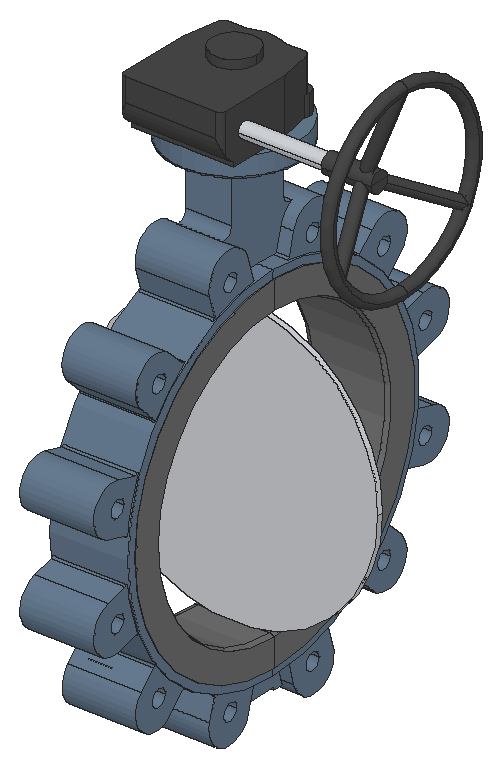
Revit family "HERZ Isolating Butterfly Valves AF-4219 with gearbox", category Rohrzubehör, Revit 2020
Family settings
  Bemaßung runder Anschluss = Durchmesser verwenden
  Teiletyp = Unterbricht
  OmniClass-Nummer = 23.65.55.14
  OmniClass-Titel = Valves for Liquid Services
  Arbeitsebenenbasiert = Nein
  Immer vertikal = Ja
  Beim Laden mit Abzugskörper schneiden = Nein
  Gemeinsam genutzt = Nein
Parameters
  Weight [instance] = size_lookup("4219_AF_G", "Gewicht", 3.8, Nennweite)  # 37.6
  Vorgabe-Ansicht = 0 mm
  URL = "www.herzvalves.com"
  Spindle = "stainless steel ASTM-A276 / Type 316"  # constant formula
  Screws [instance] = if(Nennweite = 50 mm, "4x M16x35", if(Nennweite = 65 mm, "4x M16x35", if(Nennweite = 80 mm, "8x M16x35", if(Nennweite = 100 mm, "8x M16x40", if(Nennweite = 125 mm, "8x M16x40", if(Nennweite = 150 mm, "8x M20x40", if(Nennweite = 200 mm, "12x M20x45", if(Nennweite = 250 mm, "12x M24x45", "12x M24x45"))))))))  # "12x M24x45"
  SCTWSEQ = "FW;SBT_TYP_FW=\"101\";2"
  SCTWCODE = "04;07;02"  # constant formula
  SCRNSEQ = "ARM;ARM_TYP=\"ALLF\";2"
  SCRNCODE = "05;13;02"  # constant formula
  R99 = 1.5 mm  # constant formula
  Part number [instance] = size_lookup("4219_AF_G", "Artnr", 421911, Nennweite)  # 1421979
  PN [instance] = size_lookup("4219_AF_G", "PN", 16, Nennweite)  # 10
  O-Ring = "EPDM according to ISO 1691"  # constant formula
  Min. operating temperature = "-20.00 °C with appropriate water-glycol mixture"  # constant formula
  Medium = "Heating water quality according ÖNORM H5195 or VDI-Standard 2035. The use of ethylene or propylene glycol in a\nmixing ratio 25- 50% is allowed."
  Max. operating temperature = 110 °C  # constant formula
  L04 [instance] = L01 - 3.5 mm  # 35.5 mm
  L03 [instance] = L01 + 1.5 mm  # 40.5 mm
  L02 [instance] = size_lookup("4219_AF_G", "L2", 14.5 mm, Nennweite)  # 30.5 mm
  L01 [instance] = size_lookup("4219_AF_G", "L1", 21.5 mm, Nennweite)  # 39 mm
  R01 [instance] = size_lookup("4219_AF_G", "R1", 44 mm, Nennweite)  # 65 mm
  Nennweite [instance] = 300 mm
  Hersteller = "HERZ Armaturen Ges.m.b.H."  # constant formula
  H02 [instance] = size_lookup("4219_AF_G", "H2", 13 mm, Nennweite)  # 20 mm
  H01 [instance] = size_lookup("4219_AF_G", "H1", 125 mm, Nennweite)  # 308 mm
  Flange = "according to EN1092-2"  # constant formula
  Torque in NM [instance] = size_lookup("4219_AF_G", "Nm", 20, Nennweite)  # 350
  Disc = "stainless steel 1.4408"  # constant formula
  DN80 [instance] = Nennweite = 80 mm  # no
  DN65 [instance] = Nennweite = 65 mm  # no
  DN50 [instance] = Nennweite = 50 mm  # no
  DN300 [instance] = Nennweite = 300 mm  # yes
  DN250 [instance] = Nennweite = 250 mm  # no
  DN200 [instance] = Nennweite = 200 mm  # no
  DN150 [instance] = Nennweite = 150 mm  # no
  DN125 [instance] = Nennweite = 125 mm  # no
  DN100 [instance] = Nennweite = 100 mm  # no
  D06 [instance] = size_lookup("4219_AF_G", "D6", 25.3 mm, Nennweite)  # 146.5 mm
  D05 [instance] = size_lookup("4219_AF_G", "D5", 24.5 mm, Nennweite)  # 145 mm
  D04 [instance] = D05 + 2 mm  # 147 mm
  D03 [instance] = size_lookup("4219_AF_G", "D3", 35.5 mm, Nennweite)  # 167.5 mm
  D02 [instance] = size_lookup("4219_AF_G", "D2", 41 mm, Nennweite)  # 175 mm
  D01 [instance] = size_lookup("4219_AF_G", "D1", 47 mm, Nennweite)  # 183 mm
  Body sealing = "EPDM according to ISO 1691"  # constant formula
  Body = "GGG, GJS-400-15/JS1030, according to EN1563"  # constant formula
  Application = "Suitable for fluids in building services, cold water systems, hot water saystems, etc."
Reference planes
  plane 1 "Mitte (Vorne/hinten)": y = 0
  plane 2: z = 0
  plane 3 "Mitte (Links/rechts)": x = 0
Forms (mm)
  Revolve 1, solid, material "Herz-Metall-blau", detail levels fine
    sketch origin (0, 0, 0) x (1, 0, 0) y (0, 0, 1)
      loop
        line (-30.5, 175) -> (-30.5, 167.5) -> (30.5, 167.5) -> (30.5, 175) -> (39, 175) -> (39, 183) -> (-39, 183) -> (-39, 175) -> (-30.5, 175)
      axis (-39, 0) -> (39, 0)
    angle from 0 to 360
  Revolve 2, solid, material "Herz-Metall-blau", detail levels fine
    sketch origin (0, 0, 0) x (1, 0, 0) y (0, 0, 1)
      loop
        line (-65, 308) -> (-65, 289.463)
        arc (-65, 289.463) -> (-64.673, 288.527) -> (-63.833, 288) r 1.5
        line (-63.833, 288) -> (0, 288) -> (0, 308) -> (-65, 308)
      axis (0, 308) -> (0, 288)
    angle from 0 to 360
  Extrusion 3, solid, material "Herz-Metall-blau", visible <- "DN50", detail levels fine
    sketch origin (0, 0, 0) x (0, 1, 0) y (0, 0, 1)
      loop
        line (56.215, -32.173) -> (43.95, -19.909)
        arc (43.95, -19.909) -> (43.387, -18.793) -> (43.596, -17.56) r 2
        arc (43.596, -17.56) -> (33.234, -33.234) -> (17.56, -43.596) r 47
        arc (17.56, -43.596) -> (18.793, -43.387) -> (19.909, -43.95) r 2
        line (19.909, -43.95) -> (32.173, -56.215)
        arc (32.173, -56.215) -> (56.215, -56.215) -> (56.215, -32.173) r 17
      loop
        arc (-56.215, -32.173) -> (-56.215, -56.215) -> (-32.173, -56.215) r 17
        line (-32.173, -56.215) -> (-19.909, -43.95)
        arc (-19.909, -43.95) -> (-18.793, -43.387) -> (-17.56, -43.596) r 2
        arc (-17.56, -43.596) -> (-33.234, -33.234) -> (-43.596, -17.56) r 47
        arc (-43.596, -17.56) -> (-43.387, -18.793) -> (-43.95, -19.909) r 2
        line (-43.95, -19.909) -> (-56.215, -32.173)
      loop
        arc (56.215, 32.173) -> (56.215, 56.215) -> (32.173, 56.215) r 17
        line (32.173, 56.215) -> (19.909, 43.95)
        arc (19.909, 43.95) -> (18.793, 43.387) -> (17.56, 43.596) r 2
        arc (17.56, 43.596) -> (33.234, 33.234) -> (43.596, 17.56) r 47
        arc (43.596, 17.56) -> (43.387, 18.793) -> (43.95, 19.909) r 2
        line (43.95, 19.909) -> (56.215, 32.173)
      loop
        line (-56.215, 32.173) -> (-43.95, 19.909)
        arc (-43.95, 19.909) -> (-43.387, 18.793) -> (-43.596, 17.56) r 2
        arc (-43.596, 17.56) -> (-33.234, 33.234) -> (-17.56, 43.596) r 47
        arc (-17.56, 43.596) -> (-18.793, 43.387) -> (-19.909, 43.95) r 2
        line (-19.909, 43.95) -> (-32.173, 56.215)
        arc (-32.173, 56.215) -> (-56.215, 56.215) -> (-56.215, 32.173) r 17
      loop
        circle (-44.194, 44.194) r 6.92
      loop
        circle (44.194, 44.194) r 6.92
      loop
        circle (44.194, -44.194) r 6.92
      loop
        circle (-44.194, -44.194) r 6.92
    from -19.5 to 19.5
  Extrusion 4, solid, material "Herz-Metall-blau", visible <- "DN50", detail levels fine
    sketch origin (0, 0, 0) x (0, 1, 0) y (0, 0, 1)
      loop
        line (20, 74.845) -> (20, 112) -> (-20, 112) -> (-20, 74.845)
        arc (-20, 74.845) -> (-26.046, 62.811) -> (-39.31, 60.477) r 15
        arc (-39.31, 60.477) -> (-35.477, 58.789) -> (-32.173, 56.215) r 17
        line (-32.173, 56.215) -> (-19.909, 43.95)
        arc (-19.909, 43.95) -> (-18.793, 43.387) -> (-17.56, 43.596) r 2
        arc (-17.56, 43.596) -> (0, 47) -> (17.56, 43.596) r 47
        arc (17.56, 43.596) -> (18.793, 43.387) -> (19.909, 43.95) r 2
        line (19.909, 43.95) -> (32.173, 56.215)
        arc (32.173, 56.215) -> (35.477, 58.789) -> (39.31, 60.477) r 17
        arc (39.31, 60.477) -> (26.046, 62.811) -> (20, 74.845) r 15
    from -15 to 15
  Extrusion 5, solid, material "Herz-Metall-blau", visible <- "DN50"
    sketch origin (0, 0, 0) x (0, 1, 0) y (0, 0, 1)
      loop
        arc (33.834, -58) -> (34.246, -58.062) -> (34.622, -58.243) r 1.4
        arc (34.622, -58.243) -> (33.35, -57.286) -> (32.173, -56.215) r 17
        line (32.173, -56.215) -> (19.909, -43.95)
        arc (19.909, -43.95) -> (18.793, -43.387) -> (17.56, -43.596) r 2
        arc (17.56, -43.596) -> (0, -47) -> (-17.56, -43.596) r 47
        arc (-17.56, -43.596) -> (-18.793, -43.387) -> (-19.909, -43.95) r 2
        line (-19.909, -43.95) -> (-32.173, -56.215)
        arc (-32.173, -56.215) -> (-33.35, -57.286) -> (-34.622, -58.243) r 17
        arc (-34.622, -58.243) -> (-34.246, -58.062) -> (-33.834, -58) r 1.4
        line (-33.834, -58) -> (-16.963, -58)
        arc (-16.963, -58) -> (-15.575, -58.575) -> (-15, -59.963) r 1.963
        line (-15, -59.963) -> (-15, -61) -> (15, -61) -> (15, -59.963)
        arc (15, -59.963) -> (15.575, -58.575) -> (16.963, -58) r 1.963
        line (16.963, -58) -> (33.834, -58)
    from -15 to 15
  Revolve 6, solid, material "Gummi", detail levels fine
    sketch origin (-134.5, 0, 0) x (1, 0, 0) y (0, 0, 1)
      loop
        line (94, 175) -> (94, 147) -> (99, 145) -> (170, 145) -> (175, 147) -> (175, 175) -> (165, 175) -> (165, 167.5) -> (104, 167.5) -> (104, 175) -> (94, 175)
      axis (94, 0) -> (175, 0)
    angle from 0 to 360
  Extrusion 7, solid, detail levels fine
    sketch origin (0, 0, 0) x (1, 0, 0) y (0, 0, 1)
      loop
        circle (0, 0) r 146.5
    from -2.5 to 2.5
  Extrusion 8, solid, material "Herz-Metall-blau", visible <- "DN65", detail levels fine
    sketch origin (0, -300, 0) x (0, 1, 0) y (0, 0, 1)
      loop
        circle (351.265, 51.265) r 6.92
      loop
        arc (363.286, 39.244) -> (363.286, 63.286) -> (339.244, 63.286) r 17
        line (339.244, 63.286) -> (328.595, 52.636)
        arc (328.595, 52.636) -> (327.499, 52.076) -> (326.282, 52.264) r 2
        arc (326.282, 52.264) -> (341.366, 41.366) -> (352.264, 26.282) r 58.501
        arc (352.264, 26.282) -> (352.087, 27.51) -> (352.656, 28.614) r 2.038
        line (352.656, 28.614) -> (363.286, 39.244)
      loop
        circle (351.265, -51.265) r 6.92
      loop
        line (363.286, -39.244) -> (352.656, -28.614)
        arc (352.656, -28.614) -> (352.087, -27.51) -> (352.264, -26.282) r 2.038
        arc (352.264, -26.282) -> (341.366, -41.366) -> (326.282, -52.264) r 58.501
        arc (326.282, -52.264) -> (327.499, -52.076) -> (328.595, -52.636) r 2
        line (328.595, -52.636) -> (339.244, -63.286)
        arc (339.244, -63.286) -> (363.286, -63.286) -> (363.286, -39.244) r 17
      loop
        circle (248.735, 51.265) r 6.92
      loop
        line (236.714, 39.244) -> (247.344, 28.614)
        arc (247.344, 28.614) -> (247.913, 27.51) -> (247.736, 26.282) r 2.038
        arc (247.736, 26.282) -> (258.634, 41.366) -> (273.718, 52.264) r 58.501
        arc (273.718, 52.264) -> (272.501, 52.076) -> (271.405, 52.636) r 2
        line (271.405, 52.636) -> (260.756, 63.286)
        arc (260.756, 63.286) -> (236.714, 63.286) -> (236.714, 39.244) r 17
      loop
        circle (248.735, -51.265) r 6.92
      loop
        arc (236.714, -39.244) -> (236.714, -63.286) -> (260.756, -63.286) r 17
        line (260.756, -63.286) -> (271.405, -52.636)
        arc (271.405, -52.636) -> (272.501, -52.076) -> (273.718, -52.264) r 2
        arc (273.718, -52.264) -> (258.634, -41.366) -> (247.736, -26.282) r 58.501
        arc (247.736, -26.282) -> (247.913, -27.51) -> (247.344, -28.614) r 2.038
        line (247.344, -28.614) -> (236.714, -39.244)
    from -21 to 21
  Extrusion 9, solid, material "Herz-Metall-blau", visible <- "DN65", detail levels fine
    sketch origin (0, -300, 0) x (0, 1, 0) y (0, 0, 1)
      loop
        line (278, 136.5) -> (278, 78.286)
        arc (278, 78.286) -> (272.889, 69.099) -> (263, 65.53) r 14.984
        line (263, 65.53) -> (257.982, 65.53)
        arc (257.982, 65.53) -> (259.428, 64.481) -> (260.756, 63.286) r 17
        line (260.756, 63.286) -> (271.405, 52.636)
        arc (271.405, 52.636) -> (272.501, 52.076) -> (273.718, 52.264) r 2
        arc (273.718, 52.264) -> (300, 58.5) -> (326.282, 52.264) r 58.5
        arc (326.282, 52.264) -> (327.499, 52.076) -> (328.595, 52.636) r 2
        line (328.595, 52.636) -> (339.244, 63.286)
        arc (339.244, 63.286) -> (340.572, 64.481) -> (342.018, 65.53) r 17
        line (342.018, 65.53) -> (337, 65.53)
        arc (337, 65.53) -> (327.111, 69.099) -> (322, 78.286) r 14.984
        line (322, 78.286) -> (322, 136.5) -> (278, 136.5)
      loop
        arc (260.756, -63.286) -> (259.428, -64.481) -> (257.982, -65.53) r 17
        line (257.982, -65.53) -> (280.029, -65.53)
        arc (280.029, -65.53) -> (281.423, -66.108) -> (282, -67.501) r 1.971
        line (282, -67.501) -> (282, -74) -> (318, -74) -> (318, -67.527)
        arc (318, -67.527) -> (318.585, -66.115) -> (319.997, -65.53) r 1.997
        line (319.997, -65.53) -> (342.018, -65.53)
        arc (342.018, -65.53) -> (340.572, -64.481) -> (339.244, -63.286) r 17
        line (339.244, -63.286) -> (328.595, -52.636)
        arc (328.595, -52.636) -> (327.499, -52.076) -> (326.282, -52.264) r 2
        arc (326.282, -52.264) -> (300, -58.5) -> (273.718, -52.264) r 58.5
        arc (273.718, -52.264) -> (272.501, -52.076) -> (271.405, -52.636) r 2
        line (271.405, -52.636) -> (260.756, -63.286)
    from -18 to 18
  Extrusion 10, solid, material "Herz-Metall-blau", visible <- "DN80", detail levels fine
    sketch origin (0, -300, 0) x (0, 1, 0) y (0, 0, 1)
      loop
        circle (269.385, 73.91) r 6.92
      loop
        arc (285.091, 80.416) -> (262.88, 89.616) -> (253.679, 67.405) r 17
        line (253.679, 67.405) -> (259.513, 53.322)
        arc (259.513, 53.322) -> (259.602, 52.073) -> (258.924, 51.02) r 1.982
        arc (258.924, 51.02) -> (274.934, 60.514) -> (292.968, 65.121) r 65.5
        arc (292.968, 65.121) -> (291.745, 65.388) -> (290.924, 66.335) r 1.984
        line (290.924, 66.335) -> (285.091, 80.416)
      loop
        circle (226.09, 30.615) r 6.92
      loop
        line (219.584, 14.909) -> (233.665, 9.076)
        arc (233.665, 9.076) -> (234.612, 8.255) -> (234.879, 7.032) r 1.984
        arc (234.879, 7.032) -> (239.486, 25.066) -> (248.98, 41.076) r 65.5
        arc (248.98, 41.076) -> (247.927, 40.398) -> (246.678, 40.487) r 1.982
        line (246.678, 40.487) -> (232.595, 46.321)
        arc (232.595, 46.321) -> (210.384, 37.12) -> (219.584, 14.909) r 17
      loop
        circle (269.385, -73.91) r 6.92
      loop
        line (285.091, -80.416) -> (290.924, -66.335)
        arc (290.924, -66.335) -> (291.745, -65.388) -> (292.968, -65.121) r 1.984
        arc (292.968, -65.121) -> (274.934, -60.514) -> (258.924, -51.02) r 65.5
        arc (258.924, -51.02) -> (259.602, -52.073) -> (259.513, -53.322) r 1.982
        line (259.513, -53.322) -> (253.679, -67.405)
        arc (253.679, -67.405) -> (262.88, -89.616) -> (285.091, -80.416) r 17
      loop
        circle (226.09, -30.615) r 6.92
      loop
        arc (219.584, -14.909) -> (210.384, -37.12) -> (232.595, -46.321) r 17
        line (232.595, -46.321) -> (246.678, -40.487)
        arc (246.678, -40.487) -> (247.927, -40.398) -> (248.98, -41.076) r 1.982
        arc (248.98, -41.076) -> (239.486, -25.066) -> (234.879, -7.032) r 65.5
        arc (234.879, -7.032) -> (234.612, -8.255) -> (233.665, -9.076) r 1.984
        line (233.665, -9.076) -> (219.584, -14.909)
      loop
        circle (330.615, 73.91) r 6.92
      loop
        line (314.909, 80.416) -> (309.076, 66.335)
        arc (309.076, 66.335) -> (308.255, 65.388) -> (307.032, 65.121) r 1.984
        arc (307.032, 65.121) -> (325.066, 60.514) -> (341.076, 51.02) r 65.5
        arc (341.076, 51.02) -> (340.398, 52.073) -> (340.487, 53.322) r 1.982
        line (340.487, 53.322) -> (346.321, 67.405)
        arc (346.321, 67.405) -> (337.12, 89.616) -> (314.909, 80.416) r 17
      loop
        circle (373.91, 30.615) r 6.92
      loop
        arc (380.416, 14.909) -> (389.616, 37.12) -> (367.405, 46.321) r 17
        line (367.405, 46.321) -> (353.322, 40.487)
        arc (353.322, 40.487) -> (352.073, 40.398) -> (351.02, 41.076) r 1.982
        arc (351.02, 41.076) -> (360.514, 25.066) -> (365.121, 7.032) r 65.5
        arc (365.121, 7.032) -> (365.388, 8.255) -> (366.335, 9.076) r 1.984
        line (366.335, 9.076) -> (380.416, 14.909)
      loop
        circle (330.615, -73.91) r 6.92
      loop
        arc (314.909, -80.416) -> (337.12, -89.616) -> (346.321, -67.405) r 17
        line (346.321, -67.405) -> (340.487, -53.322)
        arc (340.487, -53.322) -> (340.398, -52.073) -> (341.076, -51.02) r 1.982
        arc (341.076, -51.02) -> (325.066, -60.514) -> (307.032, -65.121) r 65.5
        arc (307.032, -65.121) -> (308.255, -65.388) -> (309.076, -66.335) r 1.984
        line (309.076, -66.335) -> (314.909, -80.416)
      loop
        circle (373.91, -30.615) r 6.92
      loop
        line (380.416, -14.909) -> (366.335, -9.076)
        arc (366.335, -9.076) -> (365.388, -8.255) -> (365.121, -7.032) r 1.984
        arc (365.121, -7.032) -> (360.514, -25.066) -> (351.02, -41.076) r 65.5
        arc (351.02, -41.076) -> (352.073, -40.398) -> (353.322, -40.487) r 1.982
        line (353.322, -40.487) -> (367.405, -46.321)
        arc (367.405, -46.321) -> (389.616, -37.12) -> (380.416, -14.909) r 17
    from -21 to 21
  Extrusion 11, solid, material "Herz-Metall-blau", visible <- "DN80", detail levels fine
    sketch origin (0, -300, 0) x (0, 1, 0) y (0, 0, 1)
      loop
        line (278, 143.5) -> (278, 100.814)
        arc (278, 100.814) -> (275.545, 94.251) -> (269.385, 90.91) r 10
        arc (269.385, 90.91) -> (278.83, 88.045) -> (285.091, 80.416) r 17
        line (285.091, 80.416) -> (290.924, 66.335)
        arc (290.924, 66.335) -> (291.744, 65.388) -> (292.968, 65.121) r 1.984
        arc (292.968, 65.121) -> (300, 65.497) -> (307.032, 65.121) r 66.05
        arc (307.032, 65.121) -> (308.256, 65.388) -> (309.076, 66.335) r 1.984
        line (309.076, 66.335) -> (314.909, 80.416)
        arc (314.909, 80.416) -> (321.17, 88.045) -> (330.615, 90.91) r 17
        arc (330.615, 90.91) -> (324.455, 94.251) -> (322, 100.814) r 10
        line (322, 100.814) -> (322, 143.5) -> (278, 143.5)
      loop
        line (285.091, -80.416) -> (286.5, -80.946) -> (313.5, -80.946) -> (314.89, -80.371) -> (309.076, -66.335)
        arc (309.076, -66.335) -> (308.256, -65.388) -> (307.032, -65.121) r 1.984
        arc (307.032, -65.121) -> (300, -65.497) -> (292.968, -65.121) r 66.05
        arc (292.968, -65.121) -> (291.744, -65.388) -> (290.924, -66.335) r 1.984
        line (290.924, -66.335) -> (285.091, -80.416)
    from -18.5 to 18.5
  Extrusion 12, solid, material "Herz-Metall-blau", visible <- "DN100", detail levels fine
    sketch origin (0, -300, 0) x (0, 1, 0) y (0, 0, 1)
      loop
        circle (265.558, 83.149) r 6.92
      loop
        arc (281.264, 89.655) -> (259.053, 98.855) -> (249.853, 76.644) r 17
        line (249.853, 76.644) -> (255.731, 62.451)
        arc (255.731, 62.451) -> (255.813, 61.14) -> (255.074, 60.055) r 2.025
        arc (255.074, 60.055) -> (271.3, 69.291) -> (289.305, 74.233) r 75
        arc (289.305, 74.233) -> (288.012, 74.478) -> (287.142, 75.464) r 2.027
        line (287.142, 75.464) -> (281.264, 89.655)
      loop
        circle (216.851, 34.442) r 6.92
      loop
        line (210.345, 18.736) -> (224.536, 12.858)
        arc (224.536, 12.858) -> (225.522, 11.988) -> (225.767, 10.695) r 2.027
        arc (225.767, 10.695) -> (230.709, 28.7) -> (239.945, 44.926) r 75
        arc (239.945, 44.926) -> (238.86, 44.187) -> (237.549, 44.269) r 2.025
        line (237.549, 44.269) -> (223.356, 50.147)
        arc (223.356, 50.147) -> (201.145, 40.947) -> (210.345, 18.736) r 17
      loop
        circle (265.558, -83.149) r 6.92
      loop
        line (281.264, -89.655) -> (287.142, -75.464)
        arc (287.142, -75.464) -> (288.012, -74.478) -> (289.305, -74.233) r 2.027
        arc (289.305, -74.233) -> (271.3, -69.291) -> (255.074, -60.055) r 75
        arc (255.074, -60.055) -> (255.813, -61.14) -> (255.731, -62.451) r 2.025
        line (255.731, -62.451) -> (249.853, -76.644)
        arc (249.853, -76.644) -> (259.053, -98.855) -> (281.264, -89.655) r 17
      loop
        circle (216.851, -34.442) r 6.92
      loop
        arc (210.345, -18.736) -> (201.145, -40.947) -> (223.356, -50.147) r 17
        line (223.356, -50.147) -> (237.549, -44.269)
        arc (237.549, -44.269) -> (238.86, -44.187) -> (239.945, -44.926) r 2.025
        arc (239.945, -44.926) -> (230.709, -28.7) -> (225.767, -10.695) r 75
        arc (225.767, -10.695) -> (225.522, -11.988) -> (224.536, -12.858) r 2.027
        line (224.536, -12.858) -> (210.345, -18.736)
      loop
        circle (334.442, 83.149) r 6.92
      loop
        line (318.736, 89.655) -> (312.858, 75.464)
        arc (312.858, 75.464) -> (311.988, 74.478) -> (310.695, 74.233) r 2.027
        arc (310.695, 74.233) -> (328.7, 69.291) -> (344.926, 60.055) r 75
        arc (344.926, 60.055) -> (344.187, 61.14) -> (344.269, 62.451) r 2.025
        line (344.269, 62.451) -> (350.147, 76.644)
        arc (350.147, 76.644) -> (340.947, 98.855) -> (318.736, 89.655) r 17
      loop
        circle (383.149, 34.442) r 6.92
      loop
        arc (389.655, 18.736) -> (398.855, 40.947) -> (376.644, 50.147) r 17
        line (376.644, 50.147) -> (362.451, 44.269)
        arc (362.451, 44.269) -> (361.14, 44.187) -> (360.055, 44.926) r 2.025
        arc (360.055, 44.926) -> (369.291, 28.7) -> (374.233, 10.695) r 75
        arc (374.233, 10.695) -> (374.478, 11.988) -> (375.464, 12.858) r 2.027
        line (375.464, 12.858) -> (389.655, 18.736)
      loop
        circle (334.442, -83.149) r 6.92
      loop
        arc (318.736, -89.655) -> (340.947, -98.855) -> (350.147, -76.644) r 17
        line (350.147, -76.644) -> (344.269, -62.451)
        arc (344.269, -62.451) -> (344.187, -61.14) -> (344.926, -60.055) r 2.025
        arc (344.926, -60.055) -> (328.7, -69.291) -> (310.695, -74.233) r 75
        arc (310.695, -74.233) -> (311.988, -74.478) -> (312.858, -75.464) r 2.027
        line (312.858, -75.464) -> (318.736, -89.655)
      loop
        circle (383.149, -34.442) r 6.92
      loop
        line (389.655, -18.736) -> (375.464, -12.858)
        arc (375.464, -12.858) -> (374.478, -11.988) -> (374.233, -10.695) r 2.027
        arc (374.233, -10.695) -> (369.291, -28.7) -> (360.055, -44.926) r 75
        arc (360.055, -44.926) -> (361.14, -44.187) -> (362.451, -44.269) r 2.025
        line (362.451, -44.269) -> (376.644, -50.147)
        arc (376.644, -50.147) -> (398.855, -40.947) -> (389.655, -18.736) r 17
    from -24 to 24
  Extrusion 13, solid, material "Herz-Metall-blau", visible <- "DN100", detail levels fine
    sketch origin (0, -300, 0) x (0, 1, 0) y (0, 0, 1)
      loop
        line (274, 167) -> (274, 114.47)
        arc (274, 114.47) -> (270.644, 105.014) -> (262.078, 99.789) r 15
        arc (262.078, 99.789) -> (273.498, 98.181) -> (281.264, 89.655) r 17
        line (281.264, 89.655) -> (287.142, 75.464)
        arc (287.142, 75.464) -> (288.012, 74.478) -> (289.305, 74.233) r 2.027
        arc (289.305, 74.233) -> (300, 75) -> (310.695, 74.233) r 75
        arc (310.695, 74.233) -> (311.988, 74.478) -> (312.858, 75.464) r 2.027
        line (312.858, 75.464) -> (318.736, 89.655)
        arc (318.736, 89.655) -> (326.502, 98.181) -> (337.922, 99.789) r 17
        arc (337.922, 99.789) -> (329.356, 105.014) -> (326, 114.47) r 15
        line (326, 114.47) -> (326, 167) -> (274, 167)
      loop
        line (286.5, -93) -> (313.5, -93) -> (313.5, -96) -> (323.312, -96)
        arc (323.312, -96) -> (320.654, -93.094) -> (318.736, -89.655) r 17
        line (318.736, -89.655) -> (312.858, -75.464)
        arc (312.858, -75.464) -> (311.988, -74.478) -> (310.695, -74.233) r 2.027
        arc (310.695, -74.233) -> (300, -75) -> (289.305, -74.233) r 75
        arc (289.305, -74.233) -> (288.012, -74.478) -> (287.142, -75.464) r 2.027
        line (287.142, -75.464) -> (281.264, -89.655)
        arc (281.264, -89.655) -> (279.346, -93.094) -> (276.688, -96) r 17
        line (276.688, -96) -> (286.5, -96) -> (286.5, -93)
    from -18 to 18
  Extrusion 14, solid, material "Herz-Metall-blau", visible <- "DN125", detail levels fine
    sketch origin (0, -300, 0) x (0, 1, 0) y (0, 0, 1)
      loop
        circle (259.818, 97.007) r 6.92
      loop
        arc (275.524, 103.513) -> (253.313, 112.713) -> (244.112, 90.502) r 17
        line (244.112, 90.502) -> (249.217, 78.179)
        arc (249.217, 78.179) -> (249.286, 76.825) -> (248.485, 75.731) r 2.023
        arc (248.485, 75.731) -> (264.902, 84.594) -> (282.772, 89.957) r 91.852
        arc (282.772, 89.957) -> (281.505, 90.18) -> (280.649, 91.141) r 1.958
        line (280.649, 91.141) -> (275.524, 103.513)
      loop
        circle (202.993, 40.182) r 6.92
      loop
        line (196.487, 24.476) -> (208.859, 19.351)
        arc (208.859, 19.351) -> (209.82, 18.495) -> (210.043, 17.228) r 1.958
        arc (210.043, 17.228) -> (215.406, 35.098) -> (224.269, 51.515) r 91.852
        arc (224.269, 51.515) -> (223.175, 50.714) -> (221.821, 50.783) r 2.023
        line (221.821, 50.783) -> (209.498, 55.888)
        arc (209.498, 55.888) -> (187.287, 46.687) -> (196.487, 24.476) r 17
      loop
        circle (259.818, -97.007) r 6.92
      loop
        line (275.524, -103.513) -> (280.649, -91.141)
        arc (280.649, -91.141) -> (281.505, -90.18) -> (282.772, -89.957) r 1.958
        arc (282.772, -89.957) -> (264.902, -84.594) -> (248.485, -75.731) r 91.852
        arc (248.485, -75.731) -> (249.286, -76.825) -> (249.217, -78.179) r 2.023
        line (249.217, -78.179) -> (244.112, -90.502)
        arc (244.112, -90.502) -> (253.313, -112.713) -> (275.524, -103.513) r 17
      loop
        circle (202.993, -40.182) r 6.92
      loop
        arc (196.487, -24.476) -> (187.287, -46.687) -> (209.498, -55.888) r 17
        line (209.498, -55.888) -> (221.821, -50.783)
        arc (221.821, -50.783) -> (223.175, -50.714) -> (224.269, -51.515) r 2.023
        arc (224.269, -51.515) -> (215.406, -35.098) -> (210.043, -17.228) r 91.852
        arc (210.043, -17.228) -> (209.82, -18.495) -> (208.859, -19.351) r 1.958
        line (208.859, -19.351) -> (196.487, -24.476)
      loop
        circle (340.182, 97.007) r 6.92
      loop
        line (324.476, 103.513) -> (319.351, 91.141)
        arc (319.351, 91.141) -> (318.495, 90.18) -> (317.228, 89.957) r 1.958
        arc (317.228, 89.957) -> (335.098, 84.594) -> (351.515, 75.731) r 91.852
        arc (351.515, 75.731) -> (350.714, 76.825) -> (350.783, 78.179) r 2.023
        line (350.783, 78.179) -> (355.888, 90.502)
        arc (355.888, 90.502) -> (346.687, 112.713) -> (324.476, 103.513) r 17
      loop
        circle (397.007, 40.182) r 6.92
      loop
        arc (403.513, 24.476) -> (412.713, 46.687) -> (390.502, 55.888) r 17
        line (390.502, 55.888) -> (378.179, 50.783)
        arc (378.179, 50.783) -> (376.825, 50.714) -> (375.731, 51.515) r 2.023
        arc (375.731, 51.515) -> (384.594, 35.098) -> (389.957, 17.228) r 91.852
        arc (389.957, 17.228) -> (390.18, 18.495) -> (391.141, 19.351) r 1.958
        line (391.141, 19.351) -> (403.513, 24.476)
      loop
        circle (340.182, -97.007) r 6.92
      loop
        arc (324.476, -103.513) -> (346.687, -112.713) -> (355.888, -90.502) r 17
        line (355.888, -90.502) -> (350.783, -78.179)
        arc (350.783, -78.179) -> (350.714, -76.825) -> (351.515, -75.731) r 2.023
        arc (351.515, -75.731) -> (335.098, -84.594) -> (317.228, -89.957) r 91.852
        arc (317.228, -89.957) -> (318.495, -90.18) -> (319.351, -91.141) r 1.958
        line (319.351, -91.141) -> (324.476, -103.513)
      loop
        circle (397.007, -40.182) r 6.92
      loop
        line (403.513, -24.476) -> (391.141, -19.351)
        arc (391.141, -19.351) -> (390.18, -18.495) -> (389.957, -17.228) r 1.958
        arc (389.957, -17.228) -> (384.594, -35.098) -> (375.731, -51.515) r 91.852
        arc (375.731, -51.515) -> (376.825, -50.714) -> (378.179, -50.783) r 2.023
        line (378.179, -50.783) -> (390.502, -55.888)
        arc (390.502, -55.888) -> (412.713, -46.687) -> (403.513, -24.476) r 17
    from -26 to 26
  Extrusion 15, solid, material "Herz-Metall-blau", visible <- "DN125", detail levels fine
    sketch origin (0, -300, 0) x (0, 1, 0) y (0, 0, 1)
      loop
        line (273.999, 186) -> (273.95, 123.689)
        arc (273.95, 123.689) -> (270.458, 116.096) -> (262.42, 113.807) r 10
        arc (262.42, 113.807) -> (270.32, 110.376) -> (275.524, 103.513) r 17
        line (275.524, 103.513) -> (280.649, 91.141)
        arc (280.649, 91.141) -> (281.528, 90.167) -> (282.825, 89.967) r 1.958
        arc (282.825, 89.967) -> (299.999, 91.589) -> (317.173, 89.967) r 91.7
        arc (317.173, 89.967) -> (318.469, 90.167) -> (319.348, 91.141) r 1.958
        line (319.348, 91.141) -> (324.473, 103.513)
        arc (324.473, 103.513) -> (329.677, 110.376) -> (337.577, 113.807) r 17
        arc (337.577, 113.807) -> (329.539, 116.096) -> (325.999, 123.689) r 10
        line (325.999, 123.689) -> (325.999, 186) -> (273.999, 186)
      loop
        line (286.499, -110.51) -> (313.499, -110.51) -> (313.499, -113.51) -> (336.099, -113.51)
        arc (336.099, -113.51) -> (329.095, -109.897) -> (324.473, -103.513) r 17
        line (324.473, -103.513) -> (319.348, -91.141)
        arc (319.348, -91.141) -> (318.469, -90.167) -> (317.173, -89.967) r 1.958
        arc (317.173, -89.967) -> (299.999, -91.589) -> (282.825, -89.967) r 91.7
        arc (282.825, -89.967) -> (281.528, -90.167) -> (280.649, -91.141) r 1.958
        line (280.649, -91.141) -> (275.524, -103.513)
        arc (275.524, -103.513) -> (270.902, -109.897) -> (263.898, -113.51) r 17
        line (263.898, -113.51) -> (286.499, -113.51) -> (286.499, -110.51)
    from -18 to 18
  Extrusion 16, solid, material "Herz-Metall-blau", visible <- "DN150", detail levels fine
    sketch origin (0, -300, 0) x (0, 1, 0) y (0, 0, 1)
      loop
        circle (254.078, 110.866) r 8.645
      loop
        arc (273.479, 118.902) -> (246.042, 130.267) -> (234.677, 102.829) r 21
        line (234.677, 102.829) -> (241.591, 86.136)
        arc (241.591, 86.136) -> (241.664, 84.82) -> (240.899, 83.746) r 1.993
        arc (240.899, 83.746) -> (260.776, 94.698) -> (282.575, 101.008) r 102.504
        arc (282.575, 101.008) -> (281.263, 101.248) -> (280.379, 102.246) r 2.042
        line (280.379, 102.246) -> (273.479, 118.902)
      loop
        circle (189.134, 45.922) r 8.645
      loop
        line (181.098, 26.521) -> (197.754, 19.621)
        arc (197.754, 19.621) -> (198.752, 18.737) -> (198.992, 17.425) r 2.042
        arc (198.992, 17.425) -> (205.302, 39.224) -> (216.254, 59.101) r 102.504
        arc (216.254, 59.101) -> (215.18, 58.336) -> (213.864, 58.409) r 1.993
        line (213.864, 58.409) -> (197.171, 65.323)
        arc (197.171, 65.323) -> (169.733, 53.958) -> (181.098, 26.521) r 21
      loop
        circle (254.078, -110.866) r 8.645
      loop
        line (273.479, -118.902) -> (280.379, -102.246)
        arc (280.379, -102.246) -> (281.263, -101.248) -> (282.575, -101.008) r 2.042
        arc (282.575, -101.008) -> (260.776, -94.698) -> (240.899, -83.746) r 102.504
        arc (240.899, -83.746) -> (241.664, -84.82) -> (241.591, -86.136) r 1.993
        line (241.591, -86.136) -> (234.677, -102.829)
        arc (234.677, -102.829) -> (246.042, -130.267) -> (273.479, -118.902) r 21
      loop
        circle (189.134, -45.922) r 8.645
      loop
        arc (181.098, -26.521) -> (169.733, -53.958) -> (197.171, -65.323) r 21
        line (197.171, -65.323) -> (213.864, -58.409)
        arc (213.864, -58.409) -> (215.18, -58.336) -> (216.254, -59.101) r 1.993
        arc (216.254, -59.101) -> (205.302, -39.224) -> (198.992, -17.425) r 102.504
        arc (198.992, -17.425) -> (198.752, -18.737) -> (197.754, -19.621) r 2.042
        line (197.754, -19.621) -> (181.098, -26.521)
      loop
        circle (345.922, 110.866) r 8.645
      loop
        line (326.521, 118.902) -> (319.621, 102.246)
        arc (319.621, 102.246) -> (318.737, 101.248) -> (317.425, 101.008) r 2.042
        arc (317.425, 101.008) -> (339.224, 94.698) -> (359.101, 83.746) r 102.504
        arc (359.101, 83.746) -> (358.336, 84.82) -> (358.409, 86.136) r 1.993
        line (358.409, 86.136) -> (365.323, 102.829)
        arc (365.323, 102.829) -> (353.958, 130.267) -> (326.521, 118.902) r 21
      loop
        circle (410.866, 45.922) r 8.645
      loop
        arc (418.902, 26.521) -> (430.267, 53.958) -> (402.829, 65.323) r 21
        line (402.829, 65.323) -> (386.136, 58.409)
        arc (386.136, 58.409) -> (384.82, 58.336) -> (383.746, 59.101) r 1.993
        arc (383.746, 59.101) -> (394.698, 39.224) -> (401.008, 17.425) r 102.504
        arc (401.008, 17.425) -> (401.248, 18.737) -> (402.246, 19.621) r 2.042
        line (402.246, 19.621) -> (418.902, 26.521)
      loop
        circle (345.922, -110.866) r 8.645
      loop
        arc (326.521, -118.902) -> (353.958, -130.267) -> (365.323, -102.829) r 21
        line (365.323, -102.829) -> (358.409, -86.136)
        arc (358.409, -86.136) -> (358.336, -84.82) -> (359.101, -83.746) r 1.993
        arc (359.101, -83.746) -> (339.224, -94.698) -> (317.425, -101.008) r 102.504
        arc (317.425, -101.008) -> (318.737, -101.248) -> (319.621, -102.246) r 2.042
        line (319.621, -102.246) -> (326.521, -118.902)
      loop
        circle (410.866, -45.922) r 8.645
      loop
        line (418.902, -26.521) -> (402.246, -19.621)
        arc (402.246, -19.621) -> (401.248, -18.737) -> (401.008, -17.425) r 2.042
        arc (401.008, -17.425) -> (394.698, -39.224) -> (383.746, -59.101) r 102.504
        arc (383.746, -59.101) -> (384.82, -58.336) -> (386.136, -58.409) r 1.993
        line (386.136, -58.409) -> (402.829, -65.323)
        arc (402.829, -65.323) -> (430.267, -53.958) -> (418.902, -26.521) r 21
    from -26 to 26
  Extrusion 17, solid, material "Herz-Metall-blau", visible <- "DN150", detail levels fine
    sketch origin (0, -300, 0) x (0, 1, 0) y (0, 0, 1)
      loop
        line (274, 199) -> (274, 135)
        arc (274, 135) -> (272.527, 129.776) -> (268.541, 126.091) r 10
        arc (268.541, 126.091) -> (271.388, 122.755) -> (273.479, 118.902) r 21
        line (273.479, 118.902) -> (280.379, 102.246)
        arc (280.379, 102.246) -> (281.28, 101.239) -> (282.612, 101.014) r 2.042
        arc (282.612, 101.014) -> (300, 102.5) -> (317.388, 101.014) r 102.5
        arc (317.388, 101.014) -> (318.72, 101.239) -> (319.621, 102.246) r 2.042
        line (319.621, 102.246) -> (326.521, 118.902)
        arc (326.521, 118.902) -> (328.612, 122.755) -> (331.459, 126.091) r 21
        arc (331.459, 126.091) -> (327.473, 129.776) -> (326, 135) r 10
        line (326, 135) -> (326, 199) -> (274, 199)
      loop
        line (286.5, -122.5) -> (313.5, -122.5) -> (313.5, -125.5) -> (330.861, -125.5)
        arc (330.861, -125.5) -> (328.378, -122.407) -> (326.521, -118.902) r 21
        line (326.521, -118.902) -> (319.621, -102.246)
        arc (319.621, -102.246) -> (318.72, -101.239) -> (317.388, -101.014) r 2.042
        arc (317.388, -101.014) -> (300, -102.5) -> (282.612, -101.014) r 102.5
        arc (282.612, -101.014) -> (281.28, -101.239) -> (280.379, -102.246) r 2.042
        line (280.379, -102.246) -> (273.479, -118.902)
        arc (273.479, -118.902) -> (271.622, -122.407) -> (269.139, -125.5) r 21
        line (269.139, -125.5) -> (286.5, -125.5) -> (286.5, -122.5)
    from -18 to 18
  Extrusion 18, solid, material "Herz-Metall-blau", visible <- "DN200", detail levels fine
    sketch origin (0, -400, 0) x (0, 1, 0) y (0, 0, 1)
      loop
        circle (361.824, 142.474) r 8.645
      loop
        arc (382.109, 147.909) -> (356.389, 162.759) -> (341.54, 137.039) r 21
        line (341.54, 137.039) -> (345.801, 121.136)
        arc (345.801, 121.136) -> (345.679, 119.74) -> (344.688, 118.75) r 2.048
        arc (344.688, 118.75) -> (366.062, 126.527) -> (388.459, 130.491) r 131
        arc (388.459, 130.491) -> (387.159, 130.838) -> (386.388, 131.939) r 1.965
        line (386.388, 131.939) -> (382.109, 147.909)
      loop
        circle (257.526, 38.176) r 8.645
      loop
        line (252.091, 17.891) -> (268.061, 13.612)
        arc (268.061, 13.612) -> (269.162, 12.841) -> (269.509, 11.541) r 1.965
        arc (269.509, 11.541) -> (273.473, 33.938) -> (281.25, 55.312) r 131
        arc (281.25, 55.312) -> (280.26, 54.321) -> (278.864, 54.199) r 2.048
        line (278.864, 54.199) -> (262.961, 58.46)
        arc (262.961, 58.46) -> (237.241, 43.611) -> (252.091, 17.891) r 21
      loop
        circle (295.702, 104.298) r 8.645
      loop
        line (280.853, 89.449) -> (292.543, 77.758)
        arc (292.543, 77.758) -> (293.111, 76.539) -> (292.762, 75.24) r 1.965
        arc (292.762, 75.24) -> (307.393, 92.655) -> (324.816, 107.277) r 131
        arc (324.816, 107.277) -> (323.463, 106.914) -> (322.193, 107.506) r 2.048
        line (322.193, 107.506) -> (310.551, 119.147)
        arc (310.551, 119.147) -> (280.853, 119.147) -> (280.853, 89.449) r 21
      loop
        circle (361.824, -142.474) r 8.645
      loop
        line (382.109, -147.909) -> (386.388, -131.939)
        arc (386.388, -131.939) -> (387.159, -130.838) -> (388.459, -130.491) r 1.965
        arc (388.459, -130.491) -> (366.062, -126.527) -> (344.688, -118.75) r 131
        arc (344.688, -118.75) -> (345.679, -119.74) -> (345.801, -121.136) r 2.048
        line (345.801, -121.136) -> (341.54, -137.039)
        arc (341.54, -137.039) -> (356.389, -162.759) -> (382.109, -147.909) r 21
      loop
        circle (257.526, -38.176) r 8.645
      loop
        arc (252.091, -17.891) -> (237.241, -43.611) -> (262.961, -58.46) r 21
        line (262.961, -58.46) -> (278.864, -54.199)
        arc (278.864, -54.199) -> (280.26, -54.321) -> (281.25, -55.312) r 2.048
        arc (281.25, -55.312) -> (273.473, -33.938) -> (269.509, -11.541) r 131
        arc (269.509, -11.541) -> (269.162, -12.841) -> (268.061, -13.612) r 1.965
        line (268.061, -13.612) -> (252.091, -17.891)
      loop
        circle (295.702, -104.298) r 8.645
      loop
        arc (280.853, -89.449) -> (280.853, -119.147) -> (310.551, -119.147) r 21
        line (310.551, -119.147) -> (322.193, -107.506)
        arc (322.193, -107.506) -> (323.463, -106.914) -> (324.816, -107.277) r 2.048
        arc (324.816, -107.277) -> (307.393, -92.655) -> (292.762, -75.24) r 131
        arc (292.762, -75.24) -> (293.111, -76.539) -> (292.543, -77.758) r 1.965
        line (292.543, -77.758) -> (280.853, -89.449)
      loop
        circle (438.176, 142.474) r 8.645
      loop
        line (417.891, 147.909) -> (413.612, 131.939)
        arc (413.612, 131.939) -> (412.841, 130.838) -> (411.541, 130.491) r 1.965
        arc (411.541, 130.491) -> (433.938, 126.527) -> (455.312, 118.75) r 131
        arc (455.312, 118.75) -> (454.321, 119.74) -> (454.199, 121.136) r 2.048
        line (454.199, 121.136) -> (458.46, 137.039)
        arc (458.46, 137.039) -> (443.611, 162.759) -> (417.891, 147.909) r 21
      loop
        circle (542.474, 38.176) r 8.645
      loop
        arc (547.909, 17.891) -> (562.759, 43.611) -> (537.039, 58.46) r 21
        line (537.039, 58.46) -> (521.136, 54.199)
        arc (521.136, 54.199) -> (519.74, 54.321) -> (518.75, 55.312) r 2.048
        arc (518.75, 55.312) -> (526.527, 33.938) -> (530.491, 11.541) r 131
        arc (530.491, 11.541) -> (530.838, 12.841) -> (531.939, 13.612) r 1.965
        line (531.939, 13.612) -> (547.909, 17.891)
      loop
        circle (504.298, 104.298) r 8.645
      loop
        arc (519.147, 89.449) -> (519.147, 119.147) -> (489.449, 119.147) r 21
        line (489.449, 119.147) -> (477.807, 107.506)
        arc (477.807, 107.506) -> (476.537, 106.914) -> (475.184, 107.277) r 2.048
        arc (475.184, 107.277) -> (492.607, 92.655) -> (507.238, 75.24) r 131
        arc (507.238, 75.24) -> (506.889, 76.539) -> (507.457, 77.758) r 1.965
        line (507.457, 77.758) -> (519.147, 89.449)
      loop
        circle (438.176, -142.474) r 8.645
      loop
        arc (417.891, -147.909) -> (443.611, -162.759) -> (458.46, -137.039) r 21
        line (458.46, -137.039) -> (454.199, -121.136)
        arc (454.199, -121.136) -> (454.321, -119.74) -> (455.312, -118.75) r 2.048
        arc (455.312, -118.75) -> (433.938, -126.527) -> (411.541, -130.491) r 131
        arc (411.541, -130.491) -> (412.841, -130.838) -> (413.612, -131.939) r 1.965
        line (413.612, -131.939) -> (417.891, -147.909)
      loop
        circle (542.474, -38.176) r 8.645
      loop
        line (547.909, -17.891) -> (531.939, -13.612)
        arc (531.939, -13.612) -> (530.838, -12.841) -> (530.491, -11.541) r 1.965
        arc (530.491, -11.541) -> (526.527, -33.938) -> (518.75, -55.312) r 131
        arc (518.75, -55.312) -> (519.74, -54.321) -> (521.136, -54.199) r 2.048
        line (521.136, -54.199) -> (537.039, -58.46)
        arc (537.039, -58.46) -> (562.759, -43.611) -> (547.909, -17.891) r 21
      loop
        circle (504.298, -104.298) r 8.645
      loop
        line (519.147, -89.449) -> (507.457, -77.758)
        arc (507.457, -77.758) -> (506.889, -76.539) -> (507.238, -75.24) r 1.965
        arc (507.238, -75.24) -> (492.607, -92.655) -> (475.184, -107.277) r 131
        arc (475.184, -107.277) -> (476.537, -106.914) -> (477.807, -107.506) r 2.048
        line (477.807, -107.506) -> (489.449, -119.147)
        arc (489.449, -119.147) -> (519.147, -119.147) -> (519.147, -89.449) r 21
    from -28 to 28
  Extrusion 19, solid, material "Herz-Metall-blau", visible <- "DN200", detail levels fine
    sketch origin (0, -400, 0) x (0, 1, 0) y (0, 0, 1)
      loop
        arc (411.541, 130.491) -> (412.841, 130.838) -> (413.612, 131.939) r 1.965
        line (413.612, 131.939) -> (417.891, 147.909)
        arc (417.891, 147.909) -> (422.597, 156.556) -> (430.727, 162.108) r 21
        arc (430.727, 162.108) -> (428.869, 162.334) -> (428, 163.99) r 2.013
        line (428, 163.99) -> (428, 230) -> (372, 230) -> (372, 163.99)
        arc (372, 163.99) -> (371.131, 162.334) -> (369.273, 162.108) r 2.013
        arc (369.273, 162.108) -> (377.403, 156.556) -> (382.109, 147.909) r 21
        line (382.109, 147.909) -> (386.388, 131.939)
        arc (386.388, 131.939) -> (387.159, 130.838) -> (388.459, 130.491) r 1.965
        arc (388.459, 130.491) -> (400, 131) -> (411.541, 130.491) r 131
      loop
        arc (411.541, -130.491) -> (400, -131) -> (388.459, -130.491) r 131
        arc (388.459, -130.491) -> (387.159, -130.838) -> (386.388, -131.939) r 1.965
        line (386.388, -131.939) -> (382.109, -147.909)
        arc (382.109, -147.909) -> (381.328, -150.259) -> (380.276, -152.5) r 21
        line (380.276, -152.5) -> (419.724, -152.5)
        arc (419.724, -152.5) -> (418.672, -150.259) -> (417.891, -147.909) r 21
        line (417.891, -147.909) -> (413.612, -131.939)
        arc (413.612, -131.939) -> (412.841, -130.838) -> (411.541, -130.491) r 1.965
    from -20 to 20
  Extrusion 20, solid, material "Herz-Metall-blau", visible <- "DN250", detail levels fine
    sketch origin (0, -500, 0) x (0, 1, 0) y (0, 0, 1)
      loop
        circle (454.707, 169.037) r 8.645
      loop
        arc (478.208, 177.922) -> (447.589, 195.6) -> (429.911, 164.981) r 25
        line (429.911, 164.981) -> (435.025, 145.897)
        arc (435.025, 145.897) -> (434.902, 144.5) -> (433.907, 143.512) r 2.044
        arc (433.907, 143.512) -> (458.94, 152.587) -> (485.142, 157.329) r 158
        arc (485.142, 157.329) -> (483.991, 157.793) -> (483.322, 158.837) r 2.043
        line (483.322, 158.837) -> (478.208, 177.922)
      loop
        circle (376.468, 123.866) r 8.645
      loop
        line (357.022, 107.956) -> (370.994, 93.984)
        arc (370.994, 93.984) -> (371.563, 92.882) -> (371.39, 91.654) r 2.043
        arc (371.39, 91.654) -> (388.597, 111.974) -> (408.973, 129.116) r 158
        arc (408.973, 129.116) -> (407.62, 128.749) -> (406.348, 129.34) r 2.044
        line (406.348, 129.34) -> (392.378, 143.311)
        arc (392.378, 143.311) -> (357.022, 143.311) -> (357.022, 107.956) r 25
      loop
        circle (331.268, 45.598) r 8.645
      loop
        line (322.382, 22.097) -> (341.468, 16.983)
        arc (341.468, 16.983) -> (342.512, 16.313) -> (342.976, 15.163) r 2.043
        arc (342.976, 15.163) -> (347.718, 41.365) -> (356.793, 66.398) r 158
        arc (356.793, 66.398) -> (355.804, 65.403) -> (354.408, 65.28) r 2.044
        line (354.408, 65.28) -> (335.323, 70.393)
        arc (335.323, 70.393) -> (304.705, 52.716) -> (322.382, 22.097) r 25
      loop
        circle (454.707, -169.037) r 8.645
      loop
        line (478.208, -177.922) -> (483.322, -158.837)
        arc (483.322, -158.837) -> (483.991, -157.793) -> (485.142, -157.329) r 2.043
        arc (485.142, -157.329) -> (458.94, -152.587) -> (433.907, -143.512) r 158
        arc (433.907, -143.512) -> (434.902, -144.5) -> (435.025, -145.897) r 2.044
        line (435.025, -145.897) -> (429.911, -164.981)
        arc (429.911, -164.981) -> (447.589, -195.6) -> (478.208, -177.922) r 25
      loop
        circle (376.468, -123.866) r 8.645
      loop
        arc (357.022, -107.956) -> (357.022, -143.311) -> (392.378, -143.311) r 25
        line (392.378, -143.311) -> (406.348, -129.34)
        arc (406.348, -129.34) -> (407.62, -128.749) -> (408.973, -129.116) r 2.044
        arc (408.973, -129.116) -> (388.597, -111.974) -> (371.39, -91.654) r 158
        arc (371.39, -91.654) -> (371.563, -92.882) -> (370.994, -93.984) r 2.043
        line (370.994, -93.984) -> (357.022, -107.956)
      loop
        circle (331.268, -45.598) r 8.645
      loop
        arc (322.382, -22.097) -> (304.705, -52.716) -> (335.323, -70.393) r 25
        line (335.323, -70.393) -> (354.408, -65.28)
        arc (354.408, -65.28) -> (355.804, -65.403) -> (356.793, -66.398) r 2.044
        arc (356.793, -66.398) -> (347.718, -41.365) -> (342.976, -15.163) r 158
        arc (342.976, -15.163) -> (342.512, -16.313) -> (341.468, -16.983) r 2.043
        line (341.468, -16.983) -> (322.382, -22.097)
      loop
        circle (545.128, 169.037) r 8.645
      loop
        line (521.626, 177.922) -> (516.513, 158.837)
        arc (516.513, 158.837) -> (515.843, 157.793) -> (514.693, 157.329) r 2.043
        arc (514.693, 157.329) -> (540.894, 152.587) -> (565.927, 143.512) r 158
        arc (565.927, 143.512) -> (564.933, 144.5) -> (564.809, 145.897) r 2.044
        line (564.809, 145.897) -> (569.923, 164.981)
        arc (569.923, 164.981) -> (552.245, 195.6) -> (521.626, 177.922) r 25
      loop
        circle (623.367, 123.866) r 8.645
      loop
        arc (642.812, 107.956) -> (642.812, 143.311) -> (607.457, 143.311) r 25
        line (607.457, 143.311) -> (593.486, 129.34)
        arc (593.486, 129.34) -> (592.215, 128.749) -> (590.862, 129.116) r 2.044
        arc (590.862, 129.116) -> (611.237, 111.974) -> (628.444, 91.654) r 158
        arc (628.444, 91.654) -> (628.271, 92.882) -> (628.841, 93.984) r 2.043
        line (628.841, 93.984) -> (642.812, 107.956)
      loop
        circle (668.567, 45.598) r 8.645
      loop
        arc (677.452, 22.097) -> (695.13, 52.716) -> (664.511, 70.393) r 25
        line (664.511, 70.393) -> (645.426, 65.28)
        arc (645.426, 65.28) -> (644.03, 65.403) -> (643.042, 66.398) r 2.044
        arc (643.042, 66.398) -> (652.116, 41.365) -> (656.858, 15.163) r 158
        arc (656.858, 15.163) -> (657.323, 16.313) -> (658.367, 16.983) r 2.043
        line (658.367, 16.983) -> (677.452, 22.097)
      loop
        circle (545.128, -169.037) r 8.645
      loop
        arc (521.626, -177.922) -> (552.245, -195.6) -> (569.923, -164.981) r 25
        line (569.923, -164.981) -> (564.809, -145.897)
        arc (564.809, -145.897) -> (564.933, -144.5) -> (565.927, -143.512) r 2.044
        arc (565.927, -143.512) -> (540.894, -152.587) -> (514.693, -157.329) r 158
        arc (514.693, -157.329) -> (515.843, -157.793) -> (516.513, -158.837) r 2.043
        line (516.513, -158.837) -> (521.626, -177.922)
      loop
        circle (623.367, -123.866) r 8.645
      loop
        line (642.812, -107.956) -> (628.841, -93.984)
        arc (628.841, -93.984) -> (628.271, -92.882) -> (628.444, -91.654) r 2.043
        arc (628.444, -91.654) -> (611.237, -111.974) -> (590.862, -129.116) r 158
        arc (590.862, -129.116) -> (592.215, -128.749) -> (593.486, -129.34) r 2.044
        line (593.486, -129.34) -> (607.457, -143.311)
        arc (607.457, -143.311) -> (642.812, -143.311) -> (642.812, -107.956) r 25
      loop
        circle (668.567, -45.598) r 8.645
      loop
        line (677.452, -22.097) -> (658.367, -16.983)
        arc (658.367, -16.983) -> (657.323, -16.313) -> (656.858, -15.163) r 2.043
        arc (656.858, -15.163) -> (652.116, -41.365) -> (643.042, -66.398) r 158
        arc (643.042, -66.398) -> (644.03, -65.403) -> (645.426, -65.28) r 2.044
        line (645.426, -65.28) -> (664.511, -70.393)
        arc (664.511, -70.393) -> (695.13, -52.716) -> (677.452, -22.097) r 25
    from -32 to 32
  Extrusion 21, solid, material "Herz-Metall-blau", visible <- "DN250", detail levels fine
    sketch origin (0, -500, 0) x (0, 1, 0) y (0, 0, 1)
      loop
        line (467.917, 263) -> (467.917, 195.639)
        arc (467.917, 195.639) -> (466.995, 193.978) -> (465.097, 193.884) r 1.957
        arc (465.097, 193.884) -> (473.378, 187.32) -> (478.208, 177.922) r 25
        line (478.208, 177.922) -> (483.33, 158.808)
        arc (483.33, 158.808) -> (483.997, 157.776) -> (485.142, 157.329) r 2
        arc (485.142, 157.329) -> (499.917, 158.021) -> (514.693, 157.329) r 158
        arc (514.693, 157.329) -> (515.837, 157.776) -> (516.505, 158.808) r 2
        line (516.505, 158.808) -> (521.626, 177.922)
        arc (521.626, 177.922) -> (526.456, 187.32) -> (534.737, 193.884) r 25
        arc (534.737, 193.884) -> (532.84, 193.978) -> (531.917, 195.639) r 1.957
        line (531.917, 195.639) -> (531.917, 263) -> (467.917, 263)
      loop
        line (478.917, -192.479) -> (520.917, -192.479) -> (520.917, -195.479) -> (538.868, -195.479)
        arc (538.868, -195.479) -> (527.938, -188.969) -> (521.626, -177.922) r 25
        line (521.626, -177.922) -> (516.505, -158.808)
        arc (516.505, -158.808) -> (515.837, -157.776) -> (514.693, -157.329) r 2
        arc (514.693, -157.329) -> (499.917, -158.021) -> (485.142, -157.329) r 158
        arc (485.142, -157.329) -> (483.997, -157.776) -> (483.33, -158.808) r 2
        line (483.33, -158.808) -> (478.208, -177.922)
        arc (478.208, -177.922) -> (471.897, -188.969) -> (460.966, -195.479) r 25
        line (460.966, -195.479) -> (478.917, -195.479) -> (478.917, -192.479)
    from -23 to 23
  Extrusion 22, solid, material "Herz-Metall-blau", visible <- "DN300", detail levels fine
    sketch origin (0, -600, 0) x (0, 1, 0) y (0, 0, 1)
      loop
        circle (548.236, 193.185) r 8.645
      loop
        arc (571.09, 204.485) -> (540.472, 222.163) -> (522.794, 191.544) r 25
        line (522.794, 191.544) -> (528.48, 170.323)
        arc (528.48, 170.323) -> (528.348, 168.926) -> (527.336, 167.955) r 2.013
        arc (527.336, 167.955) -> (552.476, 176.732) -> (578.624, 181.768) r 183
        arc (578.624, 181.768) -> (577.466, 182.19) -> (576.788, 183.22) r 1.96
        line (576.788, 183.22) -> (571.09, 204.485)
      loop
        circle (458.579, 141.421) r 8.645
      loop
        line (437.365, 127.279) -> (452.933, 111.712)
        arc (452.933, 111.712) -> (453.486, 110.61) -> (453.272, 109.396) r 1.96
        arc (453.272, 109.396) -> (470.707, 129.523) -> (490.879, 146.906) r 183
        arc (490.879, 146.906) -> (489.531, 146.515) -> (488.256, 147.1) r 2.013
        line (488.256, 147.1) -> (472.721, 162.635)
        arc (472.721, 162.635) -> (437.365, 162.635) -> (437.365, 127.279) r 25
      loop
        circle (406.815, 51.764) r 8.645
      loop
        line (395.515, 28.91) -> (416.78, 23.212)
        arc (416.78, 23.212) -> (417.81, 22.534) -> (418.232, 21.376) r 1.96
        arc (418.232, 21.376) -> (423.268, 47.524) -> (432.045, 72.664) r 183
        arc (432.045, 72.664) -> (431.074, 71.652) -> (429.677, 71.52) r 2.013
        line (429.677, 71.52) -> (408.456, 77.206)
        arc (408.456, 77.206) -> (377.837, 59.528) -> (395.515, 28.91) r 25
      loop
        circle (548.236, -193.185) r 8.645
      loop
        line (571.09, -204.485) -> (576.788, -183.22)
        arc (576.788, -183.22) -> (577.466, -182.19) -> (578.624, -181.768) r 1.96
        arc (578.624, -181.768) -> (552.476, -176.732) -> (527.336, -167.955) r 183
        arc (527.336, -167.955) -> (528.348, -168.926) -> (528.48, -170.323) r 2.013
        line (528.48, -170.323) -> (522.794, -191.544)
        arc (522.794, -191.544) -> (540.472, -222.163) -> (571.09, -204.485) r 25
      loop
        circle (458.579, -141.421) r 8.645
      loop
        arc (437.365, -127.279) -> (437.365, -162.635) -> (472.721, -162.635) r 25
        line (472.721, -162.635) -> (488.256, -147.1)
        arc (488.256, -147.1) -> (489.531, -146.515) -> (490.879, -146.906) r 2.013
        arc (490.879, -146.906) -> (470.707, -129.523) -> (453.272, -109.396) r 183
        arc (453.272, -109.396) -> (453.486, -110.61) -> (452.933, -111.712) r 1.96
        line (452.933, -111.712) -> (437.365, -127.279)
      loop
        circle (406.815, -51.764) r 8.645
      loop
        arc (395.515, -28.91) -> (377.837, -59.528) -> (408.456, -77.206) r 25
        line (408.456, -77.206) -> (429.677, -71.52)
        arc (429.677, -71.52) -> (431.074, -71.652) -> (432.045, -72.664) r 2.013
        arc (432.045, -72.664) -> (423.268, -47.524) -> (418.232, -21.376) r 183
        arc (418.232, -21.376) -> (417.81, -22.534) -> (416.78, -23.212) r 1.96
        line (416.78, -23.212) -> (395.515, -28.91)
      loop
        circle (651.764, 193.185) r 8.645
      loop
        line (628.91, 204.485) -> (623.212, 183.22)
        arc (623.212, 183.22) -> (622.534, 182.19) -> (621.376, 181.768) r 1.96
        arc (621.376, 181.768) -> (647.524, 176.732) -> (672.664, 167.955) r 183
        arc (672.664, 167.955) -> (671.652, 168.926) -> (671.52, 170.323) r 2.013
        line (671.52, 170.323) -> (677.206, 191.544)
        arc (677.206, 191.544) -> (659.528, 222.163) -> (628.91, 204.485) r 25
      loop
        circle (741.421, 141.421) r 8.645
      loop
        arc (762.635, 127.279) -> (762.635, 162.635) -> (727.279, 162.635) r 25
        line (727.279, 162.635) -> (711.744, 147.1)
        arc (711.744, 147.1) -> (710.469, 146.515) -> (709.121, 146.906) r 2.013
        arc (709.121, 146.906) -> (729.293, 129.523) -> (746.728, 109.396) r 183
        arc (746.728, 109.396) -> (746.514, 110.61) -> (747.067, 111.712) r 1.96
        line (747.067, 111.712) -> (762.635, 127.279)
      loop
        circle (793.185, 51.764) r 8.645
      loop
        arc (804.485, 28.91) -> (822.163, 59.528) -> (791.544, 77.206) r 25
        line (791.544, 77.206) -> (770.323, 71.52)
        arc (770.323, 71.52) -> (768.926, 71.652) -> (767.955, 72.664) r 2.013
        arc (767.955, 72.664) -> (776.732, 47.524) -> (781.768, 21.376) r 183
        arc (781.768, 21.376) -> (782.19, 22.534) -> (783.22, 23.212) r 1.96
        line (783.22, 23.212) -> (804.485, 28.91)
      loop
        circle (651.764, -193.185) r 8.645
      loop
        arc (628.91, -204.485) -> (659.528, -222.163) -> (677.206, -191.544) r 25
        line (677.206, -191.544) -> (671.52, -170.323)
        arc (671.52, -170.323) -> (671.652, -168.926) -> (672.664, -167.955) r 2.013
        arc (672.664, -167.955) -> (647.524, -176.732) -> (621.376, -181.768) r 183
        arc (621.376, -181.768) -> (622.534, -182.19) -> (623.212, -183.22) r 1.96
        line (623.212, -183.22) -> (628.91, -204.485)
      loop
        circle (741.421, -141.421) r 8.645
      loop
        line (762.635, -127.279) -> (747.067, -111.712)
        arc (747.067, -111.712) -> (746.514, -110.61) -> (746.728, -109.396) r 1.96
        arc (746.728, -109.396) -> (729.293, -129.523) -> (709.121, -146.906) r 183
        arc (709.121, -146.906) -> (710.469, -146.515) -> (711.744, -147.1) r 2.013
        line (711.744, -147.1) -> (727.279, -162.635)
        arc (727.279, -162.635) -> (762.635, -162.635) -> (762.635, -127.279) r 25
      loop
        circle (793.185, -51.764) r 8.645
      loop
        line (804.485, -28.91) -> (783.22, -23.212)
        arc (783.22, -23.212) -> (782.19, -22.534) -> (781.768, -21.376) r 1.96
        arc (781.768, -21.376) -> (776.732, -47.524) -> (767.955, -72.664) r 183
        arc (767.955, -72.664) -> (768.926, -71.652) -> (770.323, -71.52) r 2.013
        line (770.323, -71.52) -> (791.544, -77.206)
        arc (791.544, -77.206) -> (822.163, -59.528) -> (804.485, -28.91) r 25
    from -37 to 37
  Extrusion 23, solid, material "Herz-Metall-blau", visible <- "DN300", detail levels fine
    sketch origin (0, -600, 0) x (0, 1, 0) y (0, 0, 1)
      loop
        line (568, 288) -> (568, 231)
        arc (568, 231) -> (564.523, 223.42) -> (556.509, 221.112) r 10
        arc (556.509, 221.112) -> (565.738, 214.498) -> (571.09, 204.485) r 25
        line (571.09, 204.485) -> (576.788, 183.22)
        arc (576.788, 183.22) -> (577.483, 182.176) -> (578.668, 181.767) r 1.96
        arc (578.668, 181.767) -> (600, 183.015) -> (621.332, 181.767) r 183.015
        arc (621.332, 181.767) -> (622.517, 182.176) -> (623.212, 183.22) r 1.96
        line (623.212, 183.22) -> (628.91, 204.485)
        arc (628.91, 204.485) -> (634.262, 214.498) -> (643.491, 221.112) r 25
        arc (643.491, 221.112) -> (635.477, 223.42) -> (632, 231) r 10
        line (632, 231) -> (632, 288) -> (568, 288)
      loop
        arc (571.09, -204.485) -> (570.056, -207.54) -> (568.638, -210.436) r 25
        line (568.638, -210.436) -> (579, -210.436) -> (579, -207.436) -> (621, -207.436) -> (621, -210.436) -> (631.362, -210.436)
        arc (631.362, -210.436) -> (629.944, -207.54) -> (628.91, -204.485) r 25
        line (628.91, -204.485) -> (623.212, -183.22)
        arc (623.212, -183.22) -> (622.517, -182.176) -> (621.332, -181.767) r 1.96
        arc (621.332, -181.767) -> (600, -183.015) -> (578.668, -181.767) r 183.015
        arc (578.668, -181.767) -> (577.483, -182.176) -> (576.788, -183.22) r 1.96
        line (576.788, -183.22) -> (571.09, -204.485)
    from -23 to 23
Lines and regions (mm)
  model lines, detail levels coarse+medium
    curve 1: line (39, -183, 0) -> (-39, -183, 0)
    curve 2: line (-39, -183, 0) -> (-39, 183, 0)
    curve 3: line (-39, 183, 0) -> (39, 183, 0)
    curve 4: line (39, 183, 0) -> (39, -183, 0)
    curve 5: line (-39, 183, 0) -> (39, -183, 0)
    curve 6: circle (0, 0, 0) r 5 normal (0, 0, 1)
    curve 7: line (-39, 0, 183) -> (-39, 0, -183)
    curve 8: line (-39, 0, -183) -> (39, 0, -183)
    curve 9: line (39, 0, -183) -> (39, 0, 183)
    curve 10: line (39, 0, 183) -> (-39, 0, 183)
    curve 11: line (39, 0, -183) -> (-39, 0, 183)
    curve 12: circle (0, 0, 0) r 5 normal (0, -1, 0)
Dimensions and locks
  "H01": Revolve 2 sketch curve to plane 2
  "H02": Revolve 2 sketch curve to Revolve 2 sketch curve
  "R01": Revolve 2 sketch curve to Revolve 2 sketch curve
  "D01": plane 2 to Revolve 1 sketch curve
  "D02": plane 2 to Revolve 1 sketch curve
  "D03": plane 2 to Revolve 1 sketch curve
  "L01": Revolve 1 sketch curve to plane 3 "Mitte (Links/rechts)"
  "L02": plane 3 "Mitte (Links/rechts)" to Revolve 1 sketch curve  (x2)
  "D05": Revolve 6 sketch curve to plane 2
  "D04": Revolve 6 sketch curve to plane 2  (x2)
  "D02": Revolve 6 sketch curve to plane 2  (x2)
